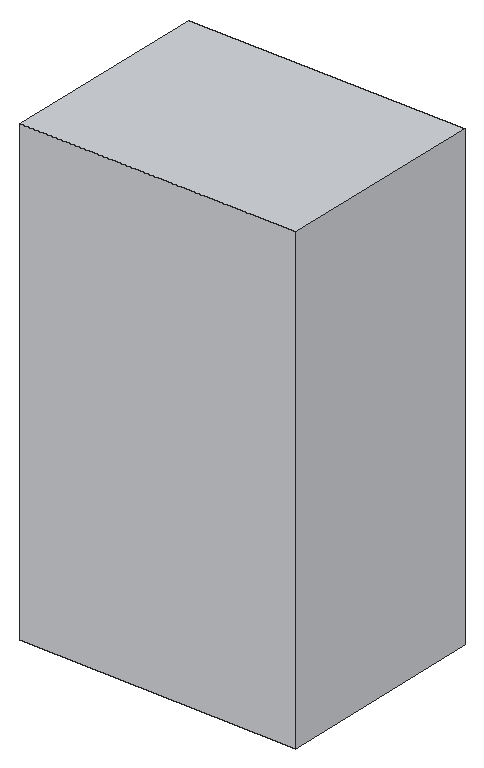
Revit family
Parameters
  Warranty Duration (Years) = 0
  Unit Width [instance] = 1' - 4"
  Unit Height [instance] = 1' - 8"
  Unit Depth = 0' - 1"
  URL = "http://www.americanspecialties.com/viewCategories.cfm"
  Trim Material = Glass
  Test Data = ""
  Specification = "http://www.arcat.com/sdspecs/htm/10810asi.htm"
  SpecWizard = ""
  Send Message = "http://www.arcat.com/users.pl?action=UserEmail&company=American%20Specialties,%20Inc.&coid=30448&rep=139&fax=914-476-0688&mf="
  Sales Information = "http://www.americanspecialties.com/contact"
  Revision = "R1_10-2010"
  Product Properties = "http://www.americanspecialties.com/datasheets/8026.pdf"
  Product Data = "http://www.arcat.com/arcatcos/cos30/arc30448.html"
  Model = "As Specified in 10 28 13"
  Manufacturer Website = "http://www.americanspecialties.com/viewCategories.cfm"
  Manufacturer Phone - Toll Free = ""
  Manufacturer Phone = "914-476-9000 "
  Manufacturer Fax = "914-476-0688"
  Manufacturer Address = "441 Saw Mill River Rd., Yonkers, NY 10701"
  Manufacturer = "American Specialties, Inc."
  Maintenance Schedule (Months) = 0
  Keynote = "10 28 13"
  Installation-Fabrication = "http://www.americanspecialties.com/products.cfm"
  Green Building-LEED = ""
  Expected Lifespan (Years) = 0
  Drawn By = "Robert S. Weygant. CSI, CDT, SCIP"  # constant formula
  Description = "Toilet Accessory as Specified in 10 28 13"
  Default Elevation = 4' - 0"
  Copyright = "©Arcat Inc."
  Construction Details = "http://www.arcat.com/green/clients/leed_data_30448.html"
  Building Codes = "http://www.americanspecialties.com/products.cfm"
  Body Material = Glass
  Assembly Code = "C1030210"
Reference planes (in)
  plane 1 "Center (Front/Back)": y = -0.29112
  plane 2 "Floor Line": z = 0
  plane 3 "Center (Left/Right)": x = -0.65843
  plane 4: z = 58
  plane 5: x = -8.65843
  plane 6: x = 7.34157
  plane 7: z = 48
  plane 8: z = 68
Forms (in)
  Extrusion 1, solid
    sketch origin (-3, -9, -6) x (0, 0, -1) y (1, 0, 0)
      loop
        line (-82, 26) -> (-82, -19.34712) -> (-6, -19.34712) -> (-6, 26) -> (-82, 26)
    from 9 to -25.60721
  Extrusion 2, solid, material "Glass" <- "Body Material"
    sketch origin (-0.65843, -1.25, 0) x (0, 1, 0) y (0, 0, 1)
      loop
        line (-9.04112, 0.875) -> (-9.04112, 0) -> (10.95888, 0) -> (10.95888, 0.875) -> (-9.04112, 0.875)
    from -8 to 8
  Extrusion 3, void
    sketch origin (0, 0, 0) x (1, 0, 0) y (0, 1, 0)
      loop
        circle (-7.65843, 8.70888) r 0.21875
      loop
        circle (6.34157, 8.70888) r 0.21875
      loop
        circle (-7.65843, -9.29112) r 0.21875
      loop
        circle (6.34157, -9.29112) r 0.21875
    from 0 to 12
Cuts and joins
  Extrusion 3 cuts Extrusion 2
Dimensions and locks (in)
  equal spacing: plane 8, plane 4, plane 7
  equal spacing: plane 6, plane 3 "Center (Left/Right)", plane 5
  "Unit Width": plane 6 to plane 5
  "Unit Height": plane 8 to plane 7
  "Default Elevation": plane 7 to plane 2 "Floor Line"
  locked: Extrusion 2 sketch curve to Extrusion 2 sketch curve at 0.875  (x2)
  "Unit Width": Extrusion 2 to Extrusion 2
  equal spacing: Extrusion 2, plane 3 "Center (Left/Right)", Extrusion 2
  locked: cut or joined group of Extrusion 2, Extrusion 3 to cut or joined group of Extrusion 2, Extrusion 3 at 1  (x4)
  locked: cut or joined group of Extrusion 2, Extrusion 3 to Extrusion 3 sketch curve at 1  (x2)
  locked: Extrusion 3 sketch curve to cut or joined group of Extrusion 2, Extrusion 3 at 1  (x2)
  aligned and locked: Extrusion 1 to level
Automatic sketch dimensions
  Extrusion 1 sketch curve to Extrusion 1 sketch curve = 6' - 4"
  Extrusion 1 sketch curve to Extrusion 1 sketch curve = 3' - 9.34712"
  Extrusion 2 sketch curve to level = 0' - 0"
  plane 1 "Center (Front/Back)" to Extrusion 2 sketch curve = 0' - 10"
  Extrusion 2 sketch curve to plane 1 "Center (Front/Back)" = 0' - 10"
  plane 1 "Center (Front/Back)" to Extrusion 3 sketch curve = 0' - 9"  (x2)
  Extrusion 3 sketch curve to plane 1 "Center (Front/Back)" = 0' - 9"  (x2)
  radius of Extrusion 3 sketch curve = 0' - 0 7/32"  (x4)
